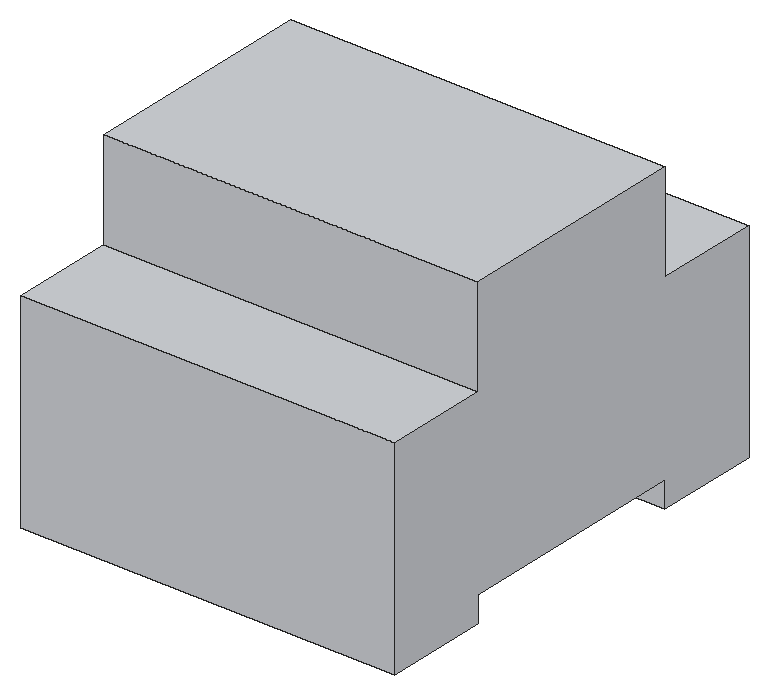
Revit family "Power-ModularDevices-GEWISS-90AM-ENERGY_METER_DIGITAL_THREE_PHASE", category Apparecchi elettrici, host Superficie, Revit 2016 (continued)
Definition of nested family "90AM CONTATORI DI ENERGIA TRIFASE DIGITALE_GENERICO"
  Automatic sketch dimensions
    curve 738 to curve 738 = 1.387 mm
    curve 743 to curve 742 = 1.387 mm
    curve 766 to curve 766 = 1.015 mm
    curve 742 to curve 742 = 1.015 mm  (x2)
    curve 730 to curve 730 = 1.015 mm
    curve 754 to curve 753 = 1.015 mm
    curve 738 to curve 740 = 1.015 mm
    curve 706 to curve 706 = 1.015 mm  (x2)
    curve 718 to curve 718 = 1.015 mm
    curve 702 to curve 704 = 1.015 mm
    curve 750 to curve 751 = 1.015 mm
    curve 778 to curve 778 = 1.015 mm
    curve 714 to curve 716 = 1.015 mm
    curve 774 to curve 775 = 1.015 mm
    curve 726 to curve 727 = 1.015 mm
    curve 762 to curve 763 = 1.015 mm
    curve 777 to curve 776 = 0.372 mm
    curve 764 to curve 764 = 0.372 mm
    curve 753 to curve 753 = 0.372 mm
    curve 717 to curve 716 = 0.372 mm
    curve 705 to curve 704 = 0.372 mm
    curve 741 to curve 740 = 0.372 mm
    curve 727 to curve 729 = 0.372 mm
    curve 774 to curve 796 = 2.697 mm
    curve 565 to curve 566 = 61 mm
    curve 566 to curve 585 = 1.31 mm
    curve 657 to curve 692 = 0 mm
    curve 680 to curve 692 = 0 mm
    curve 632 to curve 656 = 0 mm
    curve 584 to curve 596 = 0 mm
    curve 620 to curve 632 = 0 mm
    curve 644 to curve 656 = 0 mm
    curve 609 to curve 620 = 0 mm
    curve 669 to curve 680 = 0 mm
    curve 620 to curve 621 = 0.372 mm
    curve 608 to curve 607 = 0.372 mm
    curve 668 to curve 667 = 0.372 mm
    curve 596 to curve 598 = 0.372 mm
    curve 692 to curve 691 = 0.372 mm
    curve 668 to curve 669 = 0.372 mm
    curve 644 to curve 643 = 0.372 mm
    curve 692 to curve 693 = 0.372 mm
    curve 644 to curve 646 = 0.372 mm
    curve 608 to curve 609 = 0.372 mm
    curve 584 to curve 585 = 0.372 mm
    curve 584 to curve 584 = 0.372 mm
    curve 596 to curve 596 = 0.372 mm
    curve 620 to curve 620 = 0.372 mm
    curve 632 to curve 634 = 0.372 mm
    curve 680 to curve 682 = 0.372 mm
    curve 632 to curve 632 = 0.372 mm
    curve 656 to curve 658 = 0.372 mm
    curve 680 to curve 680 = 0.372 mm
    curve 656 to curve 656 = 0.372 mm
    curve 645 to curve 647 = 1.015 mm
    curve 619 to curve 619 = 1.015 mm  (x2)
    curve 621 to curve 622 = 1.015 mm
    curve 631 to curve 630 = 1.015 mm  (x2)
    curve 633 to curve 634 = 1.015 mm
    curve 693 to curve 695 = 1.015 mm
    curve 691 to curve 691 = 1.015 mm
    curve 585 to curve 587 = 1.015 mm
    curve 643 to curve 642 = 1.015 mm
    curve 595 to curve 594 = 1.015 mm  (x2)
    curve 609 to curve 611 = 1.015 mm
    curve 597 to curve 598 = 1.015 mm
    curve 583 to curve 583 = 1.015 mm
    curve 607 to curve 607 = 1.015 mm
    curve 681 to curve 683 = 1.015 mm
    curve 679 to curve 679 = 1.015 mm  (x2)
    curve 655 to curve 654 = 1.015 mm
    curve 657 to curve 658 = 1.015 mm
    curve 667 to curve 666 = 1.015 mm  (x2)
    curve 669 to curve 670 = 1.015 mm
    curve 658 to curve 660 = 1.387 mm
    curve 671 to curve 672 = 1.387 mm
    curve 622 to curve 623 = 1.387 mm
    curve 619 to curve 618 = 1.387 mm
    curve 582 to curve 581 = 1.387 mm
    curve 666 to curve 666 = 1.387 mm
    curve 586 to curve 588 = 1.387 mm
    curve 630 to curve 629 = 1.387 mm
    curve 695 to curve 696 = 1.387 mm
    curve 605 to curve 623 = 0 mm
    curve 690 to curve 690 = 1.387 mm
    curve 581 to curve 600 = 0 mm
    curve 617 to curve 635 = 0 mm
    curve 677 to curve 695 = 0 mm
    curve 654 to curve 671 = 0 mm
    curve 665 to curve 683 = 0 mm
    curve 610 to curve 612 = 1.387 mm
    curve 641 to curve 659 = 0 mm
    curve 594 to curve 611 = 0 mm
    curve 629 to curve 648 = 0 mm
    curve 647 to curve 648 = 1.387 mm
    curve 689 to curve 688 = 1.387 mm
    curve 581 to curve 580 = 1.387 mm
    curve 641 to curve 641 = 1.387 mm
    curve 683 to curve 685 = 1.387 mm
    curve 611 to curve 612 = 1.387 mm
    curve 653 to curve 652 = 1.387 mm
    curve 587 to curve 589 = 1.387 mm
    curve 636 to curve 636 = 1.387 mm
    curve 677 to curve 677 = 1.387 mm
    curve 659 to curve 660 = 1.387 mm
    curve 696 to curve 696 = 1.387 mm
    curve 606 to curve 605 = 1.387 mm
    curve 629 to curve 629 = 1.387 mm
    curve 617 to curve 616 = 1.387 mm
    curve 665 to curve 664 = 1.387 mm
    curve 599 to curve 600 = 1.387 mm
    curve 623 to curve 625 = 1.387 mm
    curve 672 to curve 673 = 1.387 mm
    curve 593 to curve 593 = 1.387 mm
    curve 624 to curve 626 = 1.015 mm  (x2)
    curve 628 to curve 627 = 1.015 mm
    curve 616 to curve 616 = 1.015 mm
    curve 636 to curve 637 = 1.015 mm  (x2)
    curve 588 to curve 589 = 1.015 mm  (x2)
    curve 612 to curve 614 = 1.015 mm  (x2)
    curve 580 to curve 579 = 1.015 mm
    curve 640 to curve 639 = 1.015 mm
    curve 648 to curve 649 = 1.015 mm
    curve 652 to curve 651 = 1.015 mm
    curve 660 to curve 661 = 1.015 mm
    curve 664 to curve 663 = 1.015 mm
    curve 604 to curve 604 = 1.015 mm
    curve 592 to curve 591 = 1.015 mm
    curve 600 to curve 602 = 1.015 mm  (x2)
    curve 672 to curve 673 = 1.015 mm  (x2)
    curve 676 to curve 675 = 1.015 mm
    curve 684 to curve 685 = 1.015 mm
    curve 688 to curve 687 = 1.015 mm
    curve 696 to curve 697 = 1.015 mm  (x2)
    curve 591 to curve 602 = 0.372 mm
    curve 579 to curve 590 = 0.372 mm
    curve 603 to curve 603 = 0.372 mm
    curve 625 to curve 615 = 0.372 mm
    curve 627 to curve 627 = 0.372 mm
    curve 687 to curve 698 = 0.372 mm
    curve 639 to curve 650 = 0.372 mm
    curve 651 to curve 651 = 0.372 mm
    curve 663 to curve 663 = 0.372 mm
    curve 675 to curve 675 = 0.372 mm
    curve 565 to curve 566 = 0 mm
    curve 566 to curve 587 = 3.226 mm
    curve 587 to curve 589 = 0.372 mm
    curve 587 to curve 587 = 0.372 mm
    curve 575 to curve 576 = 0.208 mm
    curve 576 to curve 575 = 0.208 mm
    curve 586 to curve 585 = 1.015 mm
    curve 574 to curve 574 = 0.567 mm
    curve 573 to curve 573 = 0.774 mm
    curve 577 to curve 567 = 0.774 mm
    curve 589 to curve 579 = 1.387 mm
    curve 585 to curve 585 = 1.387 mm
    curve 572 to curve 571 = 0.774 mm
    curve 567 to curve 568 = 0.774 mm
    curve 567 to curve 569 = 0.567 mm
    curve 568 to curve 569 = 0.208 mm
    curve 584 to curve 583 = 1.387 mm
    curve 579 to curve 580 = 1.387 mm
    curve 583 to curve 582 = 1.015 mm
    curve 579 to curve 581 = 1.015 mm
    curve 580 to curve 581 = 0.372 mm
    curve 581 to curve 600 = 1.118 mm
    curve 599 to curve 600 = 0.372 mm
    curve 599 to curve 599 = 0.372 mm
    curve 598 to curve 597 = 1.015 mm
    curve 569 to curve 792 = 5.101 mm
    curve 791 to curve 792 = 0.208 mm
    curve 792 to curve 791 = 0.208 mm
    curve 597 to curve 596 = 1.387 mm
    curve 601 to curve 602 = 1.387 mm
    curve 792 to curve 793 = 0.567 mm
    curve 790 to curve 789 = 0.567 mm
    curve 793 to curve 794 = 0.774 mm
    curve 789 to curve 789 = 0.774 mm
    curve 591 to curve 592 = 1.387 mm
    curve 596 to curve 595 = 1.387 mm
    curve 788 to curve 788 = 0.774 mm
    curve 783 to curve 784 = 0.774 mm
    curve 591 to curve 593 = 1.015 mm
    curve 783 to curve 784 = 0.567 mm
    curve 592 to curve 593 = 0.372 mm
    curve 784 to curve 786 = 0.208 mm
    curve 593 to curve 612 = 1.118 mm
    curve 611 to curve 613 = 0.372 mm
    curve 611 to curve 611 = 0.372 mm
    curve 610 to curve 609 = 1.015 mm
    curve 609 to curve 608 = 1.387 mm
    curve 613 to curve 603 = 1.387 mm
    curve 603 to curve 604 = 1.387 mm
    curve 608 to curve 608 = 1.387 mm
    curve 603 to curve 605 = 1.015 mm
    curve 607 to curve 606 = 1.015 mm
    curve 606 to curve 605 = 0.372 mm
    curve 605 to curve 624 = 1.118 mm
    curve 785 to curve 708 = 7.708 mm
    curve 707 to curve 706 = 0.372 mm
    curve 623 to curve 625 = 0.372 mm
    curve 707 to curve 708 = 0.372 mm
    curve 624 to curve 623 = 0.372 mm
    curve 708 to curve 710 = 1.015 mm
    curve 622 to curve 621 = 1.015 mm
    curve 621 to curve 620 = 1.387 mm
    curve 709 to curve 710 = 1.387 mm
    curve 625 to curve 626 = 1.387 mm
    curve 705 to curve 705 = 1.387 mm
    curve 620 to curve 620 = 1.387 mm
    curve 704 to curve 704 = 1.387 mm
    curve 615 to curve 616 = 1.387 mm
    curve 699 to curve 699 = 1.387 mm
    curve 703 to curve 702 = 1.015 mm
    curve 615 to curve 616 = 1.015 mm
    curve 701 to curve 702 = 0.372 mm
    curve 617 to curve 618 = 0.372 mm
    curve 617 to curve 636 = 1.118 mm
    curve 701 to curve 719 = 1.118 mm
    curve 720 to curve 721 = 0.372 mm
    curve 635 to curve 634 = 0.372 mm
    curve 636 to curve 636 = 0.372 mm
    curve 719 to curve 718 = 0.372 mm
    curve 634 to curve 633 = 1.015 mm
    curve 720 to curve 722 = 1.015 mm
    curve 718 to curve 717 = 1.015 mm
    curve 717 to curve 717 = 1.387 mm
    curve 637 to curve 638 = 1.387 mm
    curve 721 to curve 711 = 1.387 mm
    curve 633 to curve 632 = 1.387 mm
    curve 711 to curve 712 = 1.387 mm
    curve 632 to curve 632 = 1.387 mm
    curve 716 to curve 715 = 1.387 mm
    curve 627 to curve 627 = 1.387 mm
    curve 627 to curve 629 = 1.015 mm
    curve 715 to curve 714 = 1.015 mm
    curve 628 to curve 629 = 0.372 mm
    curve 712 to curve 713 = 0.372 mm
    curve 629 to curve 648 = 1.118 mm
    curve 713 to curve 731 = 1.118 mm
    curve 731 to curve 730 = 0.372 mm
    curve 647 to curve 646 = 0.372 mm
    curve 647 to curve 648 = 0.372 mm
    curve 731 to curve 732 = 0.372 mm
    curve 730 to curve 729 = 1.015 mm
    curve 732 to curve 733 = 1.015 mm
    curve 646 to curve 646 = 1.015 mm
    curve 648 to curve 650 = 1.015 mm
    curve 649 to curve 650 = 1.387 mm
    curve 733 to curve 723 = 1.387 mm
    curve 729 to curve 728 = 1.387 mm
    curve 645 to curve 645 = 1.387 mm
    curve 644 to curve 643 = 1.387 mm
    curve 723 to curve 724 = 1.387 mm
    curve 639 to curve 640 = 1.387 mm
    curve 728 to curve 727 = 1.387 mm
    curve 643 to curve 643 = 1.015 mm
    curve 727 to curve 726 = 1.015 mm
    curve 639 to curve 640 = 1.015 mm
    curve 724 to curve 725 = 0.372 mm
    curve 640 to curve 642 = 0.372 mm
    curve 725 to curve 743 = 1.118 mm
    curve 641 to curve 660 = 1.118 mm
    curve 659 to curve 660 = 0.372 mm
    curve 659 to curve 658 = 0.372 mm
    curve 743 to curve 742 = 0.372 mm
    curve 743 to curve 744 = 0.372 mm
    curve 658 to curve 657 = 1.015 mm
    curve 660 to curve 662 = 1.015 mm
    curve 744 to curve 746 = 1.015 mm
    curve 657 to curve 656 = 1.387 mm
    curve 745 to curve 735 = 1.387 mm
    curve 661 to curve 662 = 1.387 mm
    curve 741 to curve 740 = 1.387 mm
    curve 651 to curve 652 = 1.387 mm
    curve 656 to curve 656 = 1.387 mm
    curve 740 to curve 740 = 1.387 mm
    curve 735 to curve 736 = 1.387 mm
    curve 735 to curve 736 = 1.015 mm
    curve 739 to curve 738 = 1.015 mm
    curve 651 to curve 653 = 1.015 mm
    curve 655 to curve 655 = 1.015 mm
    curve 737 to curve 738 = 0.372 mm
    curve 653 to curve 653 = 0.372 mm
    curve 737 to curve 756 = 1.118 mm
    curve 653 to curve 671 = 1.118 mm
    curve 755 to curve 754 = 0.372 mm
    curve 756 to curve 757 = 0.372 mm
    curve 672 to curve 673 = 0.372 mm
    curve 671 to curve 670 = 0.372 mm
    curve 756 to curve 757 = 1.015 mm
    curve 754 to curve 754 = 1.015 mm
    curve 670 to curve 670 = 1.015 mm
    curve 673 to curve 674 = 1.387 mm
    curve 669 to curve 668 = 1.387 mm
    curve 753 to curve 752 = 1.387 mm
    curve 757 to curve 758 = 1.387 mm
    curve 668 to curve 668 = 1.387 mm
    curve 663 to curve 663 = 1.387 mm
    curve 747 to curve 748 = 1.387 mm
    curve 752 to curve 751 = 1.387 mm
    curve 751 to curve 750 = 1.015 mm
    curve 663 to curve 665 = 1.015 mm
    curve 748 to curve 749 = 0.372 mm
    curve 664 to curve 666 = 0.372 mm
    curve 749 to curve 768 = 1.118 mm
    curve 665 to curve 684 = 1.118 mm
    curve 767 to curve 769 = 0.372 mm
    curve 683 to curve 682 = 0.372 mm
    curve 767 to curve 766 = 0.372 mm
    curve 683 to curve 685 = 0.372 mm
    curve 684 to curve 686 = 1.015 mm
    curve 768 to curve 769 = 1.015 mm
    curve 766 to curve 765 = 1.015 mm
    curve 682 to curve 682 = 1.015 mm
    curve 769 to curve 770 = 1.387 mm
    curve 681 to curve 681 = 1.387 mm
    curve 685 to curve 686 = 1.387 mm
    curve 765 to curve 765 = 1.387 mm
    curve 759 to curve 760 = 1.387 mm
    curve 680 to curve 680 = 1.387 mm
    curve 675 to curve 675 = 1.387 mm
    curve 764 to curve 763 = 1.387 mm
    curve 675 to curve 677 = 1.015 mm
    curve 763 to curve 763 = 1.015 mm
    curve 759 to curve 761 = 1.015 mm
    curve 677 to curve 677 = 0.372 mm
    curve 761 to curve 762 = 0.372 mm
    curve 677 to curve 696 = 1.118 mm
    curve 761 to curve 780 = 1.118 mm
    curve 779 to curve 778 = 0.372 mm
    curve 696 to curve 697 = 0.372 mm
    curve 780 to curve 781 = 0.372 mm
    curve 695 to curve 695 = 0.372 mm
    curve 780 to curve 781 = 1.015 mm
    curve 778 to curve 777 = 1.015 mm
    curve 694 to curve 694 = 1.015 mm
    curve 777 to curve 777 = 1.387 mm
    curve 781 to curve 771 = 1.387 mm
    curve 693 to curve 692 = 1.387 mm
    curve 697 to curve 698 = 1.387 mm
    curve 771 to curve 772 = 1.387 mm
    curve 776 to curve 775 = 1.387 mm
    curve 687 to curve 688 = 1.387 mm
    curve 692 to curve 691 = 1.387 mm
    curve 691 to curve 690 = 1.015 mm
    curve 687 to curve 689 = 1.015 mm
    curve 775 to curve 775 = 1.015 mm
    curve 771 to curve 772 = 1.015 mm
    curve 688 to curve 689 = 0.372 mm
    curve 772 to curve 774 = 0.372 mm
    curve 589 to curve 795 = 5.513 mm
    curve 645 to curve 594 = 1.387 mm
    curve 690 to curve 566 = 3.597 mm
    curve 723 to curve 756 = 1.387 mm
    curve 572 to curve 791 = 1.549 mm
    curve 564 to curve 575 = 4.222 mm
    curve 563 to curve 723 = 5.141 mm
    curve 782 to curve 760 = 1.387 mm
    curve 774 to curve 565 = 3.597 mm
    curve 935 to curve 947 = 0 mm
    curve 994 to curve 995 = 0 mm
    curve 947 to curve 959 = 0 mm
    curve 959 to curve 982 = 0 mm
    curve 959 to curve 970 = 0.372 mm
    curve 971 to curve 971 = 0.372 mm
    curve 971 to curve 982 = 0.372 mm
    curve 959 to curve 960 = 0.372 mm
    curve 983 to curve 983 = 0.372 mm
    curve 983 to curve 993 = 0.372 mm
    curve 947 to curve 958 = 0.372 mm
    curve 995 to curve 995 = 0.372 mm
    curve 995 to curve 1005 = 0.372 mm
    curve 947 to curve 948 = 0.372 mm
    curve 935 to curve 946 = 0.372 mm
    curve 935 to curve 935 = 0.372 mm
    curve 1007 to curve 1007 = 0.372 mm
    curve 1007 to curve 1017 = 0.372 mm
    curve 945 to curve 1024 = 0.523 mm
    curve 808 to curve 807 = 0.208 mm
    curve 1024 to curve 1023 = 0.208 mm
    curve 1024 to curve 1026 = 0.208 mm
    curve 808 to curve 810 = 0.208 mm
    curve 971 to curve 973 = 1.015 mm
    curve 981 to curve 981 = 1.015 mm
    curve 1007 to curve 1009 = 1.015 mm
    curve 993 to curve 992 = 1.015 mm
    curve 935 to curve 936 = 1.015 mm  (x2)
    curve 945 to curve 944 = 1.015 mm
    curve 947 to curve 948 = 1.015 mm  (x2)
    curve 983 to curve 985 = 1.015 mm  (x2)
    curve 995 to curve 996 = 1.015 mm
    curve 969 to curve 969 = 1.015 mm
    curve 957 to curve 956 = 1.015 mm
    curve 1005 to curve 1005 = 1.015 mm
    curve 1017 to curve 1017 = 1.015 mm
    curve 959 to curve 960 = 1.015 mm  (x2)
    curve 1025 to curve 1027 = 0.567 mm
    curve 1023 to curve 1023 = 0.567 mm  (x2)
    curve 809 to curve 811 = 0.567 mm
    curve 807 to curve 806 = 0.567 mm  (x2)
    curve 810 to curve 811 = 0.774 mm
    curve 806 to curve 805 = 0.774 mm
    curve 1026 to curve 1027 = 0.774 mm
    curve 1022 to curve 1021 = 0.774 mm
    curve 973 to curve 973 = 1.387 mm
    curve 980 to curve 979 = 1.387 mm
    curve 1008 to curve 1009 = 1.387 mm
    curve 968 to curve 967 = 1.387 mm
    curve 962 to curve 979 = 0 mm
    curve 1004 to curve 1004 = 1.387 mm
    curve 1017 to curve 1015 = 1.387 mm
    curve 957 to curve 956 = 1.387 mm
    curve 944 to curve 944 = 1.387 mm
    curve 950 to curve 967 = 0 mm
    curve 985 to curve 1003 = 0 mm
    curve 973 to curve 991 = 0 mm
    curve 937 to curve 955 = 0 mm
    curve 998 to curve 1015 = 0 mm
    curve 1021 to curve 1020 = 0.774 mm
    curve 805 to curve 805 = 0.774 mm
    curve 1027 to curve 1028 = 0.774 mm
    curve 811 to curve 813 = 0.774 mm
    curve 1020 to curve 1019 = 0.567 mm
    curve 812 to curve 813 = 0.567 mm  (x2)
    curve 804 to curve 804 = 0.567 mm
    curve 1028 to curve 1030 = 0.567 mm
    curve 1019 to curve 1019 = 0.208 mm
    curve 813 to curve 814 = 0.208 mm
    curve 955 to curve 954 = 1.387 mm
    curve 991 to curve 990 = 1.387 mm
    curve 938 to curve 938 = 1.387 mm
    curve 943 to curve 942 = 1.387 mm
    curve 985 to curve 987 = 1.387 mm
    curve 1003 to curve 1002 = 1.387 mm
    curve 949 to curve 951 = 1.387 mm
    curve 1015 to curve 1015 = 1.387 mm
    curve 961 to curve 962 = 1.387 mm
    curve 967 to curve 966 = 1.387 mm
    curve 998 to curve 998 = 1.387 mm
    curve 1009 to curve 1011 = 1.387 mm
    curve 974 to curve 974 = 1.387 mm
    curve 979 to curve 978 = 1.387 mm
    curve 1002 to curve 1002 = 1.015 mm
    curve 978 to curve 978 = 1.015 mm  (x2)
    curve 966 to curve 966 = 1.015 mm
    curve 990 to curve 989 = 1.015 mm
    curve 974 to curve 976 = 1.015 mm
    curve 942 to curve 942 = 1.015 mm  (x2)
    curve 954 to curve 954 = 1.015 mm
    curve 938 to curve 940 = 1.015 mm
    curve 986 to curve 987 = 1.015 mm
    curve 1014 to curve 1014 = 1.015 mm
    curve 950 to curve 952 = 1.015 mm
    curve 1010 to curve 1011 = 1.015 mm
    curve 962 to curve 963 = 1.015 mm
    curve 998 to curve 999 = 1.015 mm
    curve 1013 to curve 1012 = 0.372 mm
    curve 1000 to curve 1000 = 0.372 mm
    curve 989 to curve 989 = 0.372 mm
    curve 953 to curve 952 = 0.372 mm
    curve 941 to curve 940 = 0.372 mm
    curve 977 to curve 976 = 0.372 mm
    curve 963 to curve 965 = 0.372 mm
    curve 1010 to curve 1032 = 2.697 mm
    curve 801 to curve 802 = 61 mm
    curve 802 to curve 821 = 1.31 mm
    curve 893 to curve 928 = 0 mm
    curve 916 to curve 928 = 0 mm
    curve 868 to curve 892 = 0 mm
    curve 820 to curve 832 = 0 mm
    curve 856 to curve 868 = 0 mm
    curve 880 to curve 892 = 0 mm
    curve 845 to curve 856 = 0 mm
    curve 905 to curve 916 = 0 mm
    curve 856 to curve 857 = 0.372 mm
    curve 844 to curve 843 = 0.372 mm
    curve 904 to curve 903 = 0.372 mm
    curve 832 to curve 834 = 0.372 mm
    curve 928 to curve 927 = 0.372 mm
    curve 904 to curve 905 = 0.372 mm
    curve 880 to curve 879 = 0.372 mm
    curve 928 to curve 929 = 0.372 mm
    curve 880 to curve 882 = 0.372 mm
    curve 844 to curve 845 = 0.372 mm
    curve 820 to curve 821 = 0.372 mm
    curve 820 to curve 820 = 0.372 mm
    curve 832 to curve 832 = 0.372 mm
    curve 856 to curve 856 = 0.372 mm
    curve 868 to curve 870 = 0.372 mm
    curve 916 to curve 918 = 0.372 mm
    curve 868 to curve 868 = 0.372 mm
    curve 892 to curve 894 = 0.372 mm
    curve 916 to curve 916 = 0.372 mm
    curve 892 to curve 892 = 0.372 mm
    curve 881 to curve 883 = 1.015 mm
    curve 855 to curve 855 = 1.015 mm  (x2)
    curve 857 to curve 858 = 1.015 mm
    curve 867 to curve 866 = 1.015 mm  (x2)
    curve 869 to curve 870 = 1.015 mm
    curve 929 to curve 931 = 1.015 mm
    curve 927 to curve 927 = 1.015 mm
    curve 821 to curve 823 = 1.015 mm
    curve 879 to curve 878 = 1.015 mm
    curve 831 to curve 830 = 1.015 mm  (x2)
    curve 845 to curve 847 = 1.015 mm
    curve 833 to curve 834 = 1.015 mm
    curve 819 to curve 819 = 1.015 mm
    curve 843 to curve 843 = 1.015 mm
    curve 917 to curve 919 = 1.015 mm
    curve 915 to curve 915 = 1.015 mm  (x2)
    curve 891 to curve 890 = 1.015 mm
    curve 893 to curve 894 = 1.015 mm
    curve 903 to curve 902 = 1.015 mm  (x2)
    curve 905 to curve 906 = 1.015 mm
    curve 894 to curve 896 = 1.387 mm
    curve 907 to curve 908 = 1.387 mm
    curve 858 to curve 859 = 1.387 mm
    curve 855 to curve 854 = 1.387 mm
    curve 818 to curve 817 = 1.387 mm
    curve 902 to curve 902 = 1.387 mm
    curve 822 to curve 824 = 1.387 mm
    curve 866 to curve 865 = 1.387 mm
    curve 931 to curve 932 = 1.387 mm
    curve 841 to curve 859 = 0 mm
    curve 926 to curve 926 = 1.387 mm
    curve 817 to curve 836 = 0 mm
    curve 853 to curve 871 = 0 mm
    curve 913 to curve 931 = 0 mm
    curve 890 to curve 907 = 0 mm
    curve 901 to curve 919 = 0 mm
    curve 846 to curve 848 = 1.387 mm
    curve 877 to curve 895 = 0 mm
    curve 830 to curve 847 = 0 mm
    curve 865 to curve 884 = 0 mm
    curve 883 to curve 884 = 1.387 mm
    curve 925 to curve 924 = 1.387 mm
    curve 817 to curve 816 = 1.387 mm
    curve 877 to curve 877 = 1.387 mm
    curve 919 to curve 921 = 1.387 mm
    curve 847 to curve 848 = 1.387 mm
    curve 889 to curve 888 = 1.387 mm
    curve 823 to curve 825 = 1.387 mm
    curve 872 to curve 872 = 1.387 mm
    curve 913 to curve 913 = 1.387 mm
    curve 895 to curve 896 = 1.387 mm
    curve 932 to curve 932 = 1.387 mm
    curve 842 to curve 841 = 1.387 mm
    curve 865 to curve 865 = 1.387 mm
    curve 853 to curve 852 = 1.387 mm
    curve 901 to curve 900 = 1.387 mm
    curve 835 to curve 836 = 1.387 mm
    curve 859 to curve 861 = 1.387 mm
    curve 908 to curve 909 = 1.387 mm
    curve 829 to curve 829 = 1.387 mm
    curve 860 to curve 862 = 1.015 mm  (x2)
    curve 864 to curve 863 = 1.015 mm
    curve 852 to curve 852 = 1.015 mm
    curve 872 to curve 873 = 1.015 mm  (x2)
    curve 824 to curve 825 = 1.015 mm  (x2)
    curve 848 to curve 850 = 1.015 mm  (x2)
    curve 816 to curve 815 = 1.015 mm
    curve 876 to curve 875 = 1.015 mm
    curve 884 to curve 885 = 1.015 mm
    curve 888 to curve 887 = 1.015 mm
    curve 896 to curve 897 = 1.015 mm
    curve 900 to curve 899 = 1.015 mm
    curve 840 to curve 840 = 1.015 mm
    curve 828 to curve 827 = 1.015 mm
    curve 836 to curve 838 = 1.015 mm  (x2)
    curve 908 to curve 909 = 1.015 mm  (x2)
    curve 912 to curve 911 = 1.015 mm
    curve 920 to curve 921 = 1.015 mm
    curve 924 to curve 923 = 1.015 mm
    curve 932 to curve 933 = 1.015 mm  (x2)
    curve 827 to curve 838 = 0.372 mm
    curve 815 to curve 826 = 0.372 mm
    curve 839 to curve 839 = 0.372 mm
    curve 861 to curve 851 = 0.372 mm
    curve 863 to curve 863 = 0.372 mm
    curve 923 to curve 934 = 0.372 mm
    curve 875 to curve 886 = 0.372 mm
    curve 887 to curve 887 = 0.372 mm
    curve 899 to curve 899 = 0.372 mm
    curve 911 to curve 911 = 0.372 mm
    curve 801 to curve 802 = 0 mm
    curve 802 to curve 823 = 3.226 mm
    curve 823 to curve 825 = 0.372 mm
    curve 823 to curve 823 = 0.372 mm
    curve 811 to curve 812 = 0.208 mm
    curve 812 to curve 811 = 0.208 mm
    curve 822 to curve 821 = 1.015 mm
    curve 810 to curve 810 = 0.567 mm
    curve 809 to curve 809 = 0.774 mm
    curve 813 to curve 803 = 0.774 mm
    curve 825 to curve 815 = 1.387 mm
    curve 821 to curve 821 = 1.387 mm
    curve 808 to curve 807 = 0.774 mm
    curve 803 to curve 804 = 0.774 mm
    curve 803 to curve 805 = 0.567 mm
    curve 804 to curve 805 = 0.208 mm
    curve 820 to curve 819 = 1.387 mm
    curve 815 to curve 816 = 1.387 mm
    curve 819 to curve 818 = 1.015 mm
    curve 815 to curve 817 = 1.015 mm
    curve 816 to curve 817 = 0.372 mm
    curve 817 to curve 836 = 1.118 mm
    curve 835 to curve 836 = 0.372 mm
    curve 835 to curve 835 = 0.372 mm
    curve 834 to curve 833 = 1.015 mm
    curve 805 to curve 1028 = 5.101 mm
    curve 1027 to curve 1028 = 0.208 mm
    curve 1028 to curve 1027 = 0.208 mm
    curve 833 to curve 832 = 1.387 mm
    curve 837 to curve 838 = 1.387 mm
    curve 1028 to curve 1029 = 0.567 mm
    curve 1026 to curve 1025 = 0.567 mm
    curve 1029 to curve 1030 = 0.774 mm
    curve 1025 to curve 1025 = 0.774 mm
    curve 827 to curve 828 = 1.387 mm
    curve 832 to curve 831 = 1.387 mm
    curve 1024 to curve 1024 = 0.774 mm
    curve 1019 to curve 1020 = 0.774 mm
    curve 827 to curve 829 = 1.015 mm
    curve 1019 to curve 1020 = 0.567 mm
    curve 828 to curve 829 = 0.372 mm
    curve 1020 to curve 1022 = 0.208 mm
    curve 829 to curve 848 = 1.118 mm
    curve 847 to curve 849 = 0.372 mm
    curve 847 to curve 847 = 0.372 mm
    curve 846 to curve 845 = 1.015 mm
    curve 845 to curve 844 = 1.387 mm
    curve 849 to curve 839 = 1.387 mm
    curve 839 to curve 840 = 1.387 mm
    curve 844 to curve 844 = 1.387 mm
    curve 839 to curve 841 = 1.015 mm
    curve 843 to curve 842 = 1.015 mm
    curve 842 to curve 841 = 0.372 mm
    curve 841 to curve 860 = 1.118 mm
    curve 1021 to curve 944 = 7.708 mm
    curve 943 to curve 942 = 0.372 mm
    curve 859 to curve 861 = 0.372 mm
    curve 943 to curve 944 = 0.372 mm
    curve 860 to curve 859 = 0.372 mm
    curve 944 to curve 946 = 1.015 mm
    curve 858 to curve 857 = 1.015 mm
    curve 857 to curve 856 = 1.387 mm
    curve 945 to curve 946 = 1.387 mm
    curve 861 to curve 862 = 1.387 mm
    curve 941 to curve 941 = 1.387 mm
    curve 856 to curve 856 = 1.387 mm
    curve 940 to curve 940 = 1.387 mm
    curve 851 to curve 852 = 1.387 mm
    curve 935 to curve 935 = 1.387 mm
    curve 939 to curve 938 = 1.015 mm
    curve 851 to curve 852 = 1.015 mm
    curve 937 to curve 938 = 0.372 mm
    curve 853 to curve 854 = 0.372 mm
    curve 853 to curve 872 = 1.118 mm
    curve 937 to curve 955 = 1.118 mm
    curve 956 to curve 957 = 0.372 mm
    curve 871 to curve 870 = 0.372 mm
    curve 872 to curve 872 = 0.372 mm
    curve 955 to curve 954 = 0.372 mm
    curve 870 to curve 869 = 1.015 mm
    curve 956 to curve 958 = 1.015 mm
    curve 954 to curve 953 = 1.015 mm
    curve 953 to curve 953 = 1.387 mm
    curve 873 to curve 874 = 1.387 mm
    curve 957 to curve 947 = 1.387 mm
    curve 869 to curve 868 = 1.387 mm
    curve 947 to curve 948 = 1.387 mm
    curve 868 to curve 868 = 1.387 mm
    curve 952 to curve 951 = 1.387 mm
    curve 863 to curve 863 = 1.387 mm
    curve 863 to curve 865 = 1.015 mm
    curve 951 to curve 950 = 1.015 mm
    curve 864 to curve 865 = 0.372 mm
    curve 948 to curve 949 = 0.372 mm
    curve 865 to curve 884 = 1.118 mm
    curve 949 to curve 967 = 1.118 mm
    curve 967 to curve 966 = 0.372 mm
    curve 883 to curve 882 = 0.372 mm
    curve 883 to curve 884 = 0.372 mm
    curve 967 to curve 968 = 0.372 mm
    curve 966 to curve 965 = 1.015 mm
    curve 968 to curve 969 = 1.015 mm
    curve 882 to curve 882 = 1.015 mm
    curve 884 to curve 886 = 1.015 mm
    curve 885 to curve 886 = 1.387 mm
    curve 969 to curve 959 = 1.387 mm
    curve 965 to curve 964 = 1.387 mm
    curve 881 to curve 881 = 1.387 mm
    curve 880 to curve 879 = 1.387 mm
    curve 959 to curve 960 = 1.387 mm
    curve 875 to curve 876 = 1.387 mm
    curve 964 to curve 963 = 1.387 mm
    curve 879 to curve 879 = 1.015 mm
    curve 963 to curve 962 = 1.015 mm
    curve 875 to curve 876 = 1.015 mm
    curve 960 to curve 961 = 0.372 mm
    curve 876 to curve 878 = 0.372 mm
    curve 961 to curve 979 = 1.118 mm
    curve 877 to curve 896 = 1.118 mm
    curve 895 to curve 896 = 0.372 mm
    curve 895 to curve 894 = 0.372 mm
    curve 979 to curve 978 = 0.372 mm
    curve 979 to curve 980 = 0.372 mm
    curve 894 to curve 893 = 1.015 mm
    curve 896 to curve 898 = 1.015 mm
    curve 980 to curve 982 = 1.015 mm
    curve 893 to curve 892 = 1.387 mm
    curve 981 to curve 971 = 1.387 mm
    curve 897 to curve 898 = 1.387 mm
    curve 977 to curve 976 = 1.387 mm
    curve 887 to curve 888 = 1.387 mm
    curve 892 to curve 892 = 1.387 mm
    curve 976 to curve 976 = 1.387 mm
    curve 971 to curve 972 = 1.387 mm
    curve 971 to curve 972 = 1.015 mm
    curve 975 to curve 974 = 1.015 mm
    curve 887 to curve 889 = 1.015 mm
    curve 891 to curve 891 = 1.015 mm
    curve 973 to curve 974 = 0.372 mm
    curve 889 to curve 889 = 0.372 mm
    curve 973 to curve 992 = 1.118 mm
    curve 889 to curve 907 = 1.118 mm
    curve 991 to curve 990 = 0.372 mm
    curve 992 to curve 993 = 0.372 mm
    curve 908 to curve 909 = 0.372 mm
    curve 907 to curve 906 = 0.372 mm
    curve 992 to curve 993 = 1.015 mm
    curve 990 to curve 990 = 1.015 mm
    curve 906 to curve 906 = 1.015 mm
    curve 909 to curve 910 = 1.387 mm
    curve 905 to curve 904 = 1.387 mm
    curve 989 to curve 988 = 1.387 mm
    curve 993 to curve 994 = 1.387 mm
    curve 904 to curve 904 = 1.387 mm
    curve 899 to curve 899 = 1.387 mm
    curve 983 to curve 984 = 1.387 mm
    curve 988 to curve 987 = 1.387 mm
    curve 987 to curve 986 = 1.015 mm
    curve 899 to curve 901 = 1.015 mm
    curve 984 to curve 985 = 0.372 mm
    curve 900 to curve 902 = 0.372 mm
    curve 985 to curve 1004 = 1.118 mm
    curve 901 to curve 920 = 1.118 mm
    curve 1003 to curve 1005 = 0.372 mm
    curve 919 to curve 918 = 0.372 mm
    curve 1003 to curve 1002 = 0.372 mm
    curve 919 to curve 921 = 0.372 mm
    curve 920 to curve 922 = 1.015 mm
    curve 1004 to curve 1005 = 1.015 mm
    curve 1002 to curve 1001 = 1.015 mm
    curve 918 to curve 918 = 1.015 mm
    curve 1005 to curve 1006 = 1.387 mm
    curve 917 to curve 917 = 1.387 mm
    curve 921 to curve 922 = 1.387 mm
    curve 1001 to curve 1001 = 1.387 mm
    curve 995 to curve 996 = 1.387 mm
    curve 916 to curve 916 = 1.387 mm
    curve 911 to curve 911 = 1.387 mm
    curve 1000 to curve 999 = 1.387 mm
    curve 911 to curve 913 = 1.015 mm
    curve 999 to curve 999 = 1.015 mm
    curve 995 to curve 997 = 1.015 mm
    curve 913 to curve 913 = 0.372 mm
    curve 997 to curve 998 = 0.372 mm
    curve 913 to curve 932 = 1.118 mm
    curve 997 to curve 1016 = 1.118 mm
    curve 1015 to curve 1014 = 0.372 mm
    curve 932 to curve 933 = 0.372 mm
    curve 1016 to curve 1017 = 0.372 mm
    curve 931 to curve 931 = 0.372 mm
    curve 1016 to curve 1017 = 1.015 mm
    curve 1014 to curve 1013 = 1.015 mm
    curve 930 to curve 930 = 1.015 mm
    curve 1013 to curve 1013 = 1.387 mm
    curve 1017 to curve 1007 = 1.387 mm
    curve 929 to curve 928 = 1.387 mm
    curve 933 to curve 934 = 1.387 mm
    curve 1007 to curve 1008 = 1.387 mm
    curve 1012 to curve 1011 = 1.387 mm
    curve 923 to curve 924 = 1.387 mm
    curve 928 to curve 927 = 1.387 mm
    curve 927 to curve 926 = 1.015 mm
    curve 923 to curve 925 = 1.015 mm
    curve 1011 to curve 1011 = 1.015 mm
    curve 1007 to curve 1008 = 1.015 mm
    curve 924 to curve 925 = 0.372 mm
    curve 1008 to curve 1010 = 0.372 mm
    curve 825 to curve 1031 = 5.513 mm
    curve 881 to curve 830 = 1.387 mm
    curve 926 to curve 802 = 3.597 mm
    curve 959 to curve 992 = 1.387 mm
    curve 808 to curve 1027 = 1.549 mm
    curve 800 to curve 811 = 4.222 mm
    curve 799 to curve 959 = 5.141 mm
    curve 1018 to curve 996 = 1.387 mm
    curve 1010 to curve 801 = 3.597 mm
    curve 534 to curve 535 = 0 mm
    curve 538 to curve 531 = 16.564 mm
    curve 532 to curve 533 = 0 mm
    curve 533 to curve 538 = 3.865 mm
    curve 536 to curve 537 = 0 mm
    curve 538 to curve 520 = 10.698 mm
    curve 519 to curve 538 = 10 mm
    curve 519 to curve 532 = 5.436 mm
    curve 537 to curve 519 = 5.436 mm
    curve 556 to curve 557 = 0 mm
    curve 560 to curve 553 = 16.564 mm
    curve 554 to curve 555 = 0 mm
    curve 555 to curve 560 = 3.865 mm
    curve 558 to curve 559 = 0 mm
    curve 560 to curve 542 = 10.698 mm
    curve 541 to curve 560 = 10 mm
    curve 541 to curve 554 = 5.436 mm
    curve 559 to curve 541 = 5.436 mm
    radius of curve 525 = 3.254 mm
    radius of curve 526 = 3.254 mm
    radius of curve 527 = 3.254 mm
    radius of curve 528 = 3.254 mm
    radius of curve 529 = 3.254 mm
    radius of curve 530 = 3.254 mm
    radius of curve 538 = 3.144 mm
    radius of curve 531 = 1.608 mm
    radius of curve 532 = 1.608 mm
    radius of curve 533 = 1.608 mm
    radius of curve 534 = 1.608 mm
    radius of curve 535 = 1.608 mm
    radius of curve 536 = 1.608 mm
    radius of curve 537 = 1.608 mm
    radius of curve 547 = 3.254 mm
    radius of curve 548 = 3.254 mm
    radius of curve 549 = 3.254 mm
    radius of curve 550 = 3.254 mm
    radius of curve 551 = 3.254 mm
    radius of curve 552 = 3.254 mm
    radius of curve 560 = 3.144 mm
    radius of curve 553 = 1.608 mm
    radius of curve 554 = 1.608 mm
    radius of curve 555 = 1.608 mm
    radius of curve 556 = 1.608 mm
    radius of curve 557 = 1.608 mm
    radius of curve 558 = 1.608 mm
    radius of curve 559 = 1.608 mm
Types (4, lengths in mm): name | Technical sheet | TIPO | Modello | Insertion | Immagine tipo | IDT | EAN code | Descrizione
  GWD6808 - THREE PHASE ENERGY METER INDIR. CT/5A 4M | "https://www.gewiss.com/ww/en/search?q=GWD6808" | 90AM CONTATORI DI ENERGIA TRIFASE DIGITALE_GENERICO : GWD6808 - CONTATORE ENERGIA TRIF.INDIR.TA/5A 4M | "GWD6808" | "With TA/5A" | GWD6808.jpg | "6f98f741-ed7d-4892-8a5f-8d457dff93c9" | "8011564833920" | "THREE PHASE ENERGY METER INDIR. CT/5A 4M"
  GWD6806 - THREE PHASE ENERGY METER DIRECT 80A 4M | "https://www.gewiss.com/ww/en/search?q=GWD6806" | 90AM CONTATORI DI ENERGIA TRIFASE DIGITALE_GENERICO : GWD6806 - CONTATORE ENERGIA TRIF.DIRETTO 80A 4M | "GWD6806" | "Direct (Imax=80A)" | GWD6806.jpg | "aeade5d4-fff5-4c7c-94a5-9908d2a66936" | "8011564833913" | "THREE PHASE ENERGY METER DIRECT 80A 4M"
  GWD6807 - MID THREE PHASE METER DIRECT 80A 4M | "https://www.gewiss.com/ww/en/search?q=GWD6807" | 90AM CONTATORI DI ENERGIA TRIFASE DIGITALE_GENERICO : GWD6806 - CONTATORE ENERGIA TRIF.DIRETTO 80A 4M | "GWD6807" | "Direct (Imax=80A)" | GWD6806.jpg | "d6b05fce-cb01-4c5a-a29c-b10029b24244" | "8011564886773" | "MID THREE PHASE METER DIRECT 80A 4M"
  GWD6809 - MID THREE PHASE METER INDIR. CT/5A 4M | "https://www.gewiss.com/ww/en/search?q=GWD6809" | 90AM CONTATORI DI ENERGIA TRIFASE DIGITALE_GENERICO : GWD6808 - CONTATORE ENERGIA TRIF.INDIR.TA/5A 4M | "GWD6809" | "With TA/5A" | GWD6808.jpg | "afdb2495-6e31-48e6-913b-854a097ff101" | "8011564886780" | "MID THREE PHASE METER INDIR. CT/5A 4M"
